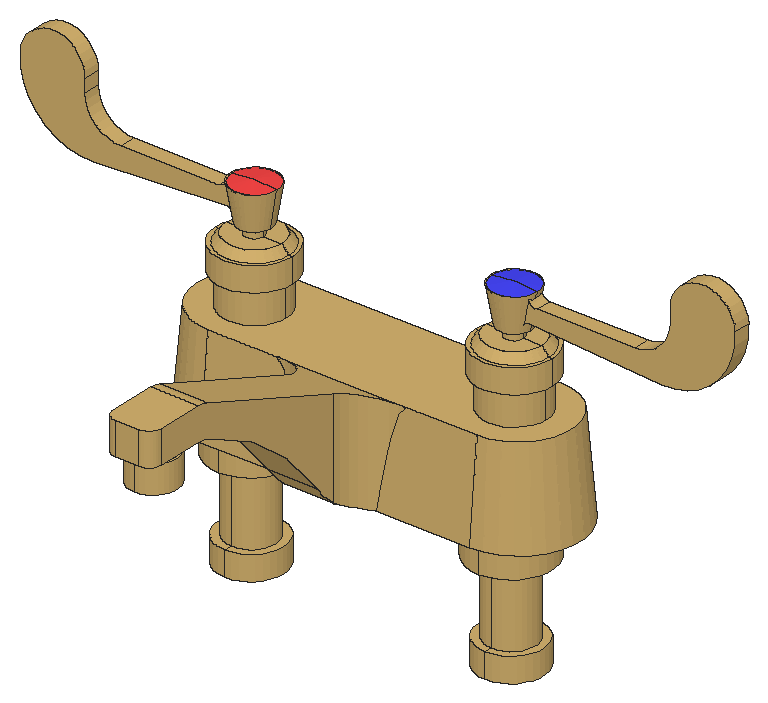
Revit family "QF_FISHER_17663", category Specialty Equipment, Revit 2015
Parameters
  Weight in Pounds = 4.25
  URL Cutsheet = ""
  Specification by User = ""
  Specification by Manufacturer = ""
  Serial Number = ""
  Seismic Rating = ""
  SMACNA No = ""
  Revision Code = ""
  Plumbing Remarks = ""
  Plumbing Connection Type = ""
  NAFEM Spec ID Number = ""
  Model = "17663"
  Masterspec = ""
  Manufacturer = "FISHER"
  Length = 12"
  Item Number = ""
  Installed By = ""
  Identify Quantity as Lot = yes
  Hot Water Temperature = 40 °F
  Hot Water Size = 1/2"
  Hot Water RI Height = 0"
  Hot Water Minimum Pressure = 0.00 psi
  Hot Water Maximum Pressure = 200.00 psi
  Hot Water Flow = 2.2 GPM
  Hot Water Consumption = 0 GPM
  Hot Water Connection Height = 0"
  Height = 8 5/16"
  Furnished By = ""
  Foodservice Equipment Identifier = yes
  Description = "C/C DECK FAUCET W/ WRIST HANDLE"
  Depth = 1 7/8"
  Cold Water Temperature Recommended = 40 °F
  Cold Water Size = 1/2"
  Cold Water RI Height = 0"
  Cold Water Minimum Pressure = 0.00 psi
  Cold Water Maximum Pressure = 200.00 psi
  Cold Water Flow = 2.2 GPM
  Cold Water Consumption = ""
  Cold Water Connection Height = 0"
  CSI MasterFormat = ""
  C = 3 1/2"
  A = 5"
Reference planes (in)
  plane 1 "BACK": y = 0
  plane 2: z = 0
  plane 3 "LEFT": x = 0
  plane 4 "RIGHT": x = 12
  plane 5 "FRONT": y = -1.875
  plane 6 "TOP": z = 8.3125
  plane 7 "Center Y": x = 6
  plane 8 "Center X": y = -0.9375
  plane 9: z = 4.75
  plane 10: z = 1.5
  plane 11: x = 3
  plane 12: x = 9
  plane 13: y = -5.875
  plane 14: y = -4.875
  plane 15: x = 11.5
  plane 16: x = 0.5
Forms (in)
  Blend 1, solid, material "QF_Metal - Brass - Polished"
    base sketch origin (4, -1.00003, 0) x (1, 0, 0) y (0, 1, 0)
      loop
        arc (-0.0665, 1.00003) -> (-1.004, 0.06253) -> (-0.0665, -0.87497) r 0.9375
        line (-0.0665, -0.87497) -> (4.0665, -0.87497)
        arc (4.0665, -0.87497) -> (5.004, 0.06253) -> (4.0665, 1.00003) r 0.9375
        line (4.0665, 1.00003) -> (-0.0665, 1.00003)
    top sketch origin (4, -1.00003, 0) x (1, 0, 0) y (0, 1, 0)
      loop
        arc (-0.0665, 0.87503) -> (-0.879, 0.06253) -> (-0.0665, -0.74997) r 0.8125
        line (-0.0665, -0.74997) -> (4.0665, -0.74997)
        arc (4.0665, -0.74997) -> (4.879, 0.06253) -> (4.0665, 0.87503) r 0.8125
        line (4.0665, 0.87503) -> (-0.0665, 0.87503)
    from 0 to 1.5
  Revolve 2, solid, material "QF_Metal - Brass - Polished"
    sketch origin (4, -1.00003, 1.75) x (0, 0, -1) y (0, 1, 0)
      loop
        line (1.75, 0) -> (3.75, 0) -> (3.75, 0.5) -> (3.375, 0.5) -> (3.375, 0.375) -> (2.25, 0.375) -> (2.25, 0.625) -> (1.75, 0.625) -> (1.75, 0)
      axis (1.75, 0) -> (3.75, 0)
    angle from 0 to 360
  Revolve 3, solid, material "QF_Metal - Brass - Polished"
    sketch origin (8, -1.00003, 1.75) x (0, 0, -1) y (0, -1, 0)
      loop
        line (1.75, 0) -> (1.75, -0.625) -> (2.25, -0.625) -> (2.25, -0.375) -> (3.375, -0.375) -> (3.375, -0.5) -> (3.75, -0.5) -> (3.75, 0) -> (1.75, 0)
      axis (1.75, 0) -> (3.75, 0)
    angle from 0 to 360
  Extrusion 4, solid, material "QF_Metal - Brass - Polished"
    sketch origin (12, 0, 0) x (0, -1, 0) y (0, 0, 1)
      loop
        arc (1.875, 0) -> (2.3346, 0.21534) -> (2.69415, 0.57358) r 1.4768
        arc (2.69415, 0.57358) -> (3.59538, 1.51944) -> (4.73164, 2.16425) r 4.4689
        arc (4.73164, 2.16425) -> (4.87025, 2.20367) -> (5.01376, 2.21696) r 0.78124
        line (5.01376, 2.21696) -> (5.875, 2.21696) -> (5.875, 2.71696) -> (4.95934, 2.71696)
        arc (4.95934, 2.71696) -> (4.87645, 2.70925) -> (4.79641, 2.68636) r 0.44898
        line (4.79641, 2.68636) -> (1.75, 1.5) -> (1.875, 0)
    from 5 to 7
  Extrusion 5, void
    sketch origin (0, 0, 0) x (1, 0, 0) y (0, 1, 0)
      loop
        arc (5.63325, -2.38325) -> (5.44777, -1.93547) -> (5, -1.75) r 0.63325
        line (5, -1.75) -> (5, -6.99227) -> (7, -6.99227) -> (7, -1.75)
        arc (7, -1.75) -> (6.55223, -1.93547) -> (6.36675, -2.38325) r 0.63325
        line (6.36675, -2.38325) -> (6.36675, -5.68212)
        arc (6.36675, -5.68212) -> (6.31026, -5.81851) -> (6.17388, -5.875) r 0.19288
        line (6.17388, -5.875) -> (5.82612, -5.875)
        arc (5.82612, -5.875) -> (5.68974, -5.81851) -> (5.63325, -5.68212) r 0.19288
        line (5.63325, -5.68212) -> (5.63325, -2.38325)
    from 0 to 12
  Revolve 6, solid, material "QF_Metal - Brass - Polished"
    sketch origin (6, 0, 0) x (0, -1, 0) y (0, 0, 1)
      loop
        line (5.375, 2.21696) -> (5.375, 1.7407) -> (5.73661, 1.7407) -> (5.73661, 2.16492) -> (5.68866, 2.16492) -> (5.68866, 2.21696) -> (5.375, 2.21696)
      axis (5.375, 1.7407) -> (5.375, 2.21696)
    angle from 0 to 360
Cuts and joins
  Extrusion 5 cuts Extrusion 4
  joined: Blend 1, Extrusion 4
Lines and regions (in)
  symbolic lines
    curve 1: arc (3.9335, -0.125, 0) -> (3.40502, -0.32036, 0) -> (3.13067, -0.8125, 0) r 0.8125
    curve 2: arc (3.00437, -0.8125, 0) -> (3.31636, -0.23178, 0) -> (3.9335, 0, 0) r 0.9375
    curve 3: line (0.5, -0.8125, 0) -> (3.67141, -0.8125, 0)
    curve 4: line (0.5, -0.8125, 0) -> (0.5, -1.0625, 0)
    curve 5: line (0.5, -1.0625, 0) -> (3.67141, -1.0625, 0)
    curve 6: arc (3.64843, -0.9375, 0) -> (4, -0.58593, 0) -> (4.35157, -0.9375, 0) r 0.35157
    curve 7: arc (4.35157, -0.9375, 0) -> (4, -1.28907, 0) -> (3.64843, -0.9375, 0) r 0.35157
    curve 8: arc (4.34326, -0.9375, 0) -> (4, -1.28076, 0) -> (3.65674, -0.9375, 0) r 0.34326
    curve 9: arc (3.65674, -0.9375, 0) -> (4, -0.59424, 0) -> (4.34326, -0.9375, 0) r 0.34326
    curve 10: arc (3.59618, -0.8125, 0) -> (4.42272, -0.9375, 0) -> (3.59618, -1.0625, 0) r 0.42272
    curve 11: arc (3.4901, -0.8125, 0) -> (4.525, -0.9375, 0) -> (3.4901, -1.0625, 0) r 0.525
    curve 12: arc (3.42595, -0.8125, 0) -> (4.5875, -0.9375, 0) -> (3.42595, -1.0625, 0) r 0.5875
    curve 13: line (11.5, -0.8125, 0) -> (8.32859, -0.8125, 0)
    curve 14: line (11.5, -0.8125, 0) -> (11.5, -1.0625, 0)
    curve 15: line (11.5, -1.0625, 0) -> (8.32859, -1.0625, 0)
    curve 16: arc (8.35157, -0.9375, 0) -> (8, -0.58593, 0) -> (7.64843, -0.9375, 0) r 0.35157
    curve 17: arc (7.64843, -0.9375, 0) -> (8, -1.28907, 0) -> (8.35157, -0.9375, 0) r 0.35157
    curve 18: arc (7.65674, -0.9375, 0) -> (8, -1.28076, 0) -> (8.34326, -0.9375, 0) r 0.34326
    curve 19: arc (8.34326, -0.9375, 0) -> (8, -0.59424, 0) -> (7.65674, -0.9375, 0) r 0.34326
    curve 20: arc (8.40382, -0.8125, 0) -> (7.57728, -0.9375, 0) -> (8.40382, -1.0625, 0) r 0.42272
    curve 21: arc (8.5099, -0.8125, 0) -> (7.475, -0.9375, 0) -> (8.5099, -1.0625, 0) r 0.525
    curve 22: arc (8.57405, -0.8125, 0) -> (7.4125, -0.9375, 0) -> (8.57405, -1.0625, 0) r 0.5875
    curve 23: arc (3.9335, -1.75, 0) -> (3.40502, -1.55464, 0) -> (3.13067, -1.0625, 0) r 0.8125
    curve 24: arc (3.00437, -1.0625, 0) -> (3.31636, -1.64322, 0) -> (3.9335, -1.875, 0) r 0.9375
    curve 25: line (8.0665, -0.125, 0) -> (3.9335, -0.125, 0)
    curve 26: line (3.9335, 0, 0) -> (8.0665, 0, 0)
    curve 27: line (3.9335, -1.75, 0) -> (5, -1.75, 0)
    curve 28: line (5.37774, -1.875, 0) -> (3.9335, -1.875, 0)
    curve 29: arc (5.63325, -2.38325, 0) -> (5.44777, -1.93547, 0) -> (5, -1.75, 0) r 0.63325
    curve 30: arc (7, -1.75, 0) -> (6.55223, -1.93547, 0) -> (6.36675, -2.38325, 0) r 0.63325
    curve 31: line (5.63325, -5.68212, 0) -> (5.63325, -2.38325, 0)
    curve 32: line (6.36675, -2.38325, 0) -> (6.36675, -5.68212, 0)
    curve 33: line (8.0665, -1.875, 0) -> (6.62226, -1.875, 0)
    curve 34: line (7, -1.75, 0) -> (8.0665, -1.75, 0)
    curve 35: arc (8.0665, -0.125, 0) -> (8.59498, -0.32036, 0) -> (8.86933, -0.8125, 0) r 0.8125
    curve 36: arc (8.99563, -0.8125, 0) -> (8.68364, -0.23178, 0) -> (8.0665, 0, 0) r 0.9375
    curve 37: arc (8.0665, -1.75, 0) -> (8.59498, -1.55464, 0) -> (8.86933, -1.0625, 0) r 0.8125
    curve 38: arc (8.99563, -1.0625, 0) -> (8.68364, -1.64322, 0) -> (8.0665, -1.875, 0) r 0.9375
    curve 39: arc (5.82612, -5.875, 0) -> (5.68974, -5.81851, 0) -> (5.63325, -5.68212, 0) r 0.19288
    curve 40: line (5.82612, -5.875, 0) -> (6.17388, -5.875, 0)
    curve 41: arc (6.36675, -5.68212, 0) -> (6.31026, -5.81851, 0) -> (6.17388, -5.875, 0) r 0.19288
Dimensions and locks (in)
  equal spacing: plane 3 "LEFT", plane 7 "Center Y", plane 4 "RIGHT"
  "Length": plane 3 "LEFT" to plane 4 "RIGHT"
  equal spacing: plane 5 "FRONT", plane 8 "Center X", plane 1 "BACK"
  "Depth": plane 5 "FRONT" to plane 1 "BACK"
  "Height": plane 6 "TOP" to level
  plane 9 to level = 4 3/4"
  plane 4 "RIGHT" to plane 3 "LEFT" = 12"
  plane 10 to level = 1 1/2"
  plane 13 to plane 5 "FRONT" = 4"
  plane 13 to plane 14 = 1"
  aligned and locked: level to plane 2
Automatic sketch dimensions
  plane 1 "BACK" to Blend 1 sketch curve = 0"
  plane 5 "FRONT" to Blend 1 sketch curve = 0"
  Blend 1 sketch curve to plane 11 = 0.9335"
  Blend 1 sketch curve to plane 12 = 0.9335"
  Blend 1 sketch curve to plane 8 "Center X" = 0"
  plane 1 "BACK" to Blend 1 sketch curve = 1/8"
  Blend 1 sketch curve to plane 7 "Center Y" = 2.0665"
  plane 7 "Center Y" to Blend 1 sketch curve = 2.0665"
  Revolve 2 sketch curve to level = 0"  (x2)
  Revolve 2 sketch curve to Revolve 2 sketch curve = 1/2"
  plane 8 "Center X" to Revolve 2 sketch curve = 0.43747"
  Revolve 2 sketch curve to Revolve 2 sketch curve = 1 1/8"
  Revolve 2 sketch curve to Revolve 2 sketch curve = 3/8"
  Revolve 2 sketch curve to Revolve 2 sketch curve = 1/8"
  Revolve 2 sketch curve to plane 8 "Center X" = 0.06253"  (x2)
  plane 1 "BACK" to Revolve 2 sketch curve = 0.37503"
  Revolve 2 sketch curve to Revolve 2 sketch curve = 1 1/2"
  Revolve 3 sketch curve to level = 0"  (x2)
  Revolve 3 sketch curve to Revolve 3 sketch curve = 1/2"
  plane 8 "Center X" to Revolve 3 sketch curve = 0.43747"
  Revolve 3 sketch curve to Revolve 3 sketch curve = 1 1/8"
  Revolve 3 sketch curve to Revolve 3 sketch curve = 3/8"
  plane 1 "BACK" to Revolve 3 sketch curve = 0.37503"
  Revolve 3 sketch curve to Revolve 3 sketch curve = 1/4"
  Revolve 3 sketch curve to plane 8 "Center X" = 0.06253"  (x2)
  Revolve 3 sketch curve to Revolve 3 sketch curve = 1 1/2"
  Extrusion 4 sketch curve to plane 10 = 0"
  Extrusion 4 sketch curve to level = 0"
  Extrusion 4 sketch curve to plane 5 "FRONT" = 0"
  Extrusion 4 sketch curve to plane 13 = 0"
  Extrusion 4 sketch curve to plane 5 "FRONT" = 1/8"
  Extrusion 4 sketch curve to plane 10 = 0.07493"
  Extrusion 4 sketch curve to Extrusion 4 sketch curve = 0.26246"
  plane 14 to Extrusion 4 sketch curve = 0.07859"
  Extrusion 4 sketch curve to plane 14 = 0.08434"
  Extrusion 4 sketch curve to Extrusion 4 sketch curve = 0.05442"
  Extrusion 4 sketch curve to plane 13 = 0.47043"
  Extrusion 4 sketch curve to level = 2.0031"
  Extrusion 4 sketch curve to plane 10 = 0.06428"
  plane 10 to Extrusion 4 sketch curve = 0.71696"
  Extrusion 4 sketch curve to Extrusion 4 sketch curve = 0.05102"
  Extrusion 4 sketch curve to Extrusion 4 sketch curve = 0.41838"
  Extrusion 4 sketch curve to Extrusion 4 sketch curve = 0"
  plane 13 to Revolve 6 sketch curve = 1/2"  (x2)
  plane 13 to Revolve 6 sketch curve = 0.18634"
  plane 13 to Revolve 6 sketch curve = 0.13839"
  plane 10 to Revolve 6 sketch curve = 0.2407"
  Revolve 6 sketch curve to Revolve 6 sketch curve = 0.42422"
  Revolve 6 sketch curve to Revolve 6 sketch curve = 0.05205"
  Revolve 6 sketch curve to Revolve 6 sketch curve = 0.76295"
  Revolve 6 sketch curve to plane 9 = 0.52009"
  Extrusion 5 sketch curve to plane 13 = 0"
  Extrusion 5 sketch curve to plane 5 "FRONT" = 1/8"  (x2)
  Extrusion 5 sketch curve to plane 7 "Center Y" = 1"
  Extrusion 5 sketch curve to plane 7 "Center Y" = 0.17388"
  plane 7 "Center Y" to Extrusion 5 sketch curve = 0.17388"
  Extrusion 5 sketch curve to Extrusion 5 sketch curve = 0.63325"
  Extrusion 5 sketch curve to plane 13 = 1.11727"
  plane 13 to Extrusion 5 sketch curve = 0.19288"
  Extrusion 5 sketch curve to Extrusion 5 sketch curve = 0.19288"
  curve 1 to curve 23 = 0"  (x2)
  curve 1 to curve 24 = 0"
  curve 2 to curve 23 = 0"  (x2)
  curve 2 to curve 24 = 0"
  curve 7 to curve 8 = 0"
  curve 7 to curve 10 = 0"
  curve 7 to curve 11 = 0"
  curve 9 to curve 10 = 0"
  curve 10 to curve 11 = 0"
  curve 10 to curve 12 = 0"
  curve 11 to curve 12 = 0"  (x2)
  curve 16 to curve 21 = 0"
  curve 17 to curve 21 = 0"
  curve 17 to curve 22 = 0"  (x2)
  curve 18 to curve 22 = 0"
  curve 19 to curve 20 = 0"  (x2)
  curve 19 to curve 21 = 0"
  curve 35 to curve 36 = 0"
  curve 35 to curve 37 = 0"
  curve 35 to curve 38 = 0"
  curve 36 to curve 37 = 0"
  curve 36 to curve 38 = 0"
  curve 37 to curve 38 = 0"
  curve 7 to plane 8 "Center X" = 0"
  curve 2 to plane 8 "Center X" = 0"
  plane 1 "BACK" to curve 26 = 0"
  plane 5 "FRONT" to curve 28 = 0"
  plane 5 "FRONT" to curve 33 = 0"
  curve 16 to plane 8 "Center X" = 0"
  curve 37 to plane 8 "Center X" = 0"
  plane 3 "LEFT" to curve 4 = 1/2"
  curve 2 to plane 7 "Center Y" = 2.0665"
  curve 2 to curve 11 = 0.0665"
  curve 29 to plane 7 "Center Y" = 1"
  curve 31 to plane 7 "Center Y" = 0.36675"
  curve 30 to curve 30 = 0.63325"
  curve 30 to curve 20 = 1"
  curve 21 to curve 26 = 0.0665"
  plane 4 "RIGHT" to curve 14 = 1/2"
  plane 5 "FRONT" to curve 29 = 0.50825"
  plane 5 "FRONT" to curve 32 = 0.50825"
  curve 15 to plane 8 "Center X" = 1/8"
  curve 5 to plane 8 "Center X" = 1/8"
  plane 8 "Center X" to curve 3 = 1/8"
  plane 8 "Center X" to curve 14 = 1/8"
  curve 25 to curve 26 = 1/8"
  curve 23 to curve 12 = 0.29528"
  curve 12 to curve 11 = 0.06415"
  curve 11 to curve 10 = 0.10608"
  curve 10 to curve 7 = 0.05226"
  curve 6 to curve 8 = 0.0083"
  curve 16 to curve 16 = 45/128"
  curve 16 to curve 19 = 0.0083"
  curve 15 to curve 20 = 0.07523"
  curve 20 to curve 21 = 0.10608"
  curve 21 to curve 22 = 0.06415"
  plane 13 to curve 32 = 0.19288"
  plane 13 to curve 31 = 0.19288"
  curve 39 to plane 13 = 0"
  plane 7 "Center Y" to curve 40 = 0.17388"
Nested families (in)
  nested 1: "Faucet Lever Handle 2" at (4, -0.9375, 1.5) x (-1, 0, 0) z (0, 0, 1), type "Faucet Lever Handle 2"
    with Hot or Cold QF_Plastic - Red - Smooth
  nested 2: "Faucet Lever Handle 2" at (8, -0.9375, 1.5), type "Faucet Lever Handle 2"
Connectors (in)
  piping at (4, -1.00003, -2), diameter 0.5
    settings: on Revolve 2, index 1, connector inside diameter 24", connector length 0", flow factor 0, pipe flow 0 GPM, pressure drop 0.00 psi, fitting loss kfactor 0, connector angle 0.00°, fixture units 0, engagement length 0", angle of deflection 0.00°, flow configuration 1, flow direction 1, fitting loss method 0, system type 19, joint type 0, gender type 0, connector reference index -1, connector utility 0, adjustable connector no, is connector primary yes, connector description "HOT WATER CONNECTION"
  piping at (8, -1.00003, -2), diameter 0.5
    settings: on Revolve 3, index 2, connector inside diameter 24", connector length 0", flow factor 0, pipe flow 0 GPM, pressure drop 0.00 psi, fitting loss kfactor 0, connector angle 0.00°, fixture units 0, engagement length 0", angle of deflection 0.00°, flow configuration 1, flow direction 1, fitting loss method 0, system type 20, joint type 0, gender type 0, connector reference index -1, connector utility 0, adjustable connector no, is connector primary no, connector description "COLD WATER CONNECTION"
Definition of nested family "Faucet Lever Handle 2"
  Parameters (values of type "Faucet Lever Handle 2")
    Hot or Cold [instance] = none
    Fixture Finish = none
  Reference planes (in)
    plane 1 "Center (Front/Back)": y = 0
    plane 2: z = 0
    plane 3 "Center (Left/Right)": x = 0
    plane 4: x = 4
    plane 5: x = 2
    plane 6: z = 1.45695
    plane 7: z = 1.45695
    plane 8: x = 3.75
  Forms (in)
    Extrusion 1, solid, material <- "Fixture Finish"
      sketch origin (-4, 0, 0.5) x (1, 0, 0) y (0, 1, 0)
        loop
          circle (4, 0) r 0.48828
      from 0 to -0.5
    Revolve 2, solid, material <- "Fixture Finish"
      sketch origin (0, 0, 0) x (1, 0, 0) y (0, 0, 1)
        loop
          line (0, 1.71094) -> (-0.35157, 1.71094) -> (-0.25406, 1.14844) -> (-0.14062, 1.14844) -> (-0.14062, 1) -> (-0.42272, 1) -> (-0.525, 0.875) -> (-0.5875, 0.875) -> (-0.5875, 0.5) -> (0, 0.5) -> (0, 1.71094)
        axis (0, 0.5) -> (0, 1.71094)
      angle from 0 to 360
    Revolve 3, solid, material <- "Hot or Cold"
      sketch origin (5.01305, 0, -2.60156) x (0, 0, 1) y (-1, 0, 0)
        loop
          line (4.3125, 5.01305) -> (4.34858, 5.01305)
          arc (4.34858, 5.01305) -> (4.3382, 5.18548) -> (4.3125, 5.35631) r 1.93597
          line (4.3125, 5.35631) -> (4.3125, 5.01305)
        axis (4.3125, 5.01305) -> (4.35187, 5.01305)
      angle from 0 to 360
    Extrusion 4, solid, material <- "Fixture Finish"
      sketch origin (-3.97517, 0, 1.52277) x (1, 0, 0) y (0, 0, 1)
        loop
          line (3.97517, -0.31981) -> (4.19558, -0.31981)
          arc (4.19558, -0.31981) -> (4.22069, -0.24504) -> (4.28455, -0.19876) r 0.12934
          line (4.28455, -0.19876) -> (6.34498, -0.32111)
          arc (6.34498, -0.32111) -> (7.15808, -0.01505) -> (7.47398, 0.79428) r 1.06694
          arc (7.47398, 0.79428) -> (6.96315, 1.27147) -> (6.4745, 0.7716) r 0.5
          line (6.4745, 0.7716) -> (6.4745, 0.58724)
          arc (6.4745, 0.58724) -> (6.31379, 0.19925) -> (5.9258, 0.03853) r 0.5487
          line (5.9258, 0.03853) -> (4.42034, 0.03853)
          arc (4.42034, 0.03853) -> (4.32862, 0.07669) -> (4.29101, 0.16864) r 0.12934
          line (4.29101, 0.16864) -> (3.97517, 0.16864) -> (3.97517, -0.31981)
      from -0.125 to 0.125
  Cuts and joins
    joined: Revolve 2, Extrusion 4
  Dimensions and locks (in)
    plane 5 to plane 4 = 2"
    aligned and locked: level to plane 2
